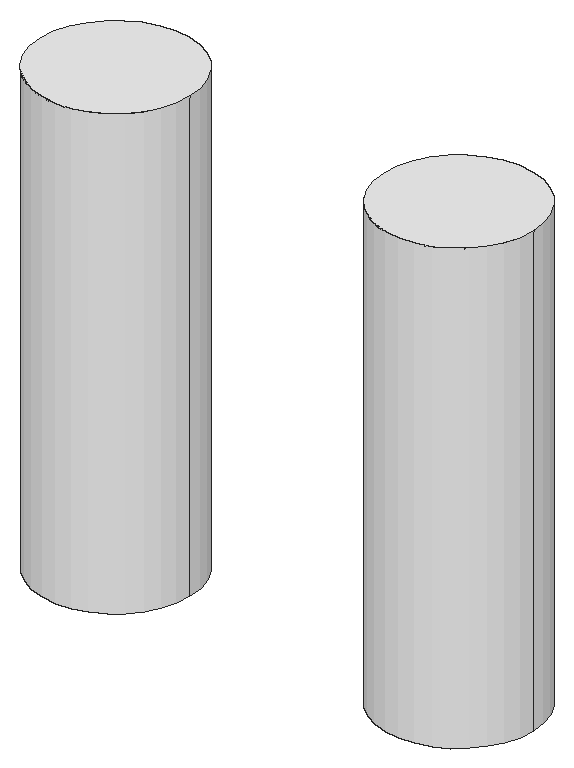
Revit family "93002009(2023)", category Plumbing Fixtures, Revit 2020
Family settings
  Round Connector Dimension = Use Diameter
  Part Type = Normal
  OmniClass Number = 23.45.55.00
  OmniClass Title = Sanitary Faucets, Wastes
  Work Plane-Based = No
  Always vertical = Yes
  Cut with Voids When Loaded = No
  Shared = No
  Room Calculation Point = No
Parameters (values of type "93002009 HANSAELECTRA")
  Working Pressure = "100 - 1000 kPa"
  WarrantyStartDate [instance] = "n/a"
  WarrantyGuarantorParts = "n/a"
  WarrantyGuarantorLabor = "n/a"
  WarrantyDurationUnit = "Year"
  WarrantyDurationParts = "n/a"
  WarrantyDurationLabor = "n/a"
  WarrantyDescription = "http://warranty.hansa.com"
  Warranty Information URL = "http://warranty.hansa.com"
  VersionDate = "20/02/2024"
  Version = "1"
  ValvePattern = "n/a"
  ValveOperation = "n/a"
  ValveMechanism = "n/a"
  Uniclass2015Reference = "Pr_40_20_87_96"
  Uniclass2015Description = "Washbasin manual water supply sets"
  Uniclass2 = "Pr_40_30_96_96"
  URL WEEE = "http://static.hansa.com/WEEE/93002009"
  URL REACH = "http://static.hansa.com/doc/reach"
  URL Materials Declaration = "http://www.hansa.com/fileadmin/resources/188810_93002009_materialsdeclaration.pdf"
  URL Environmental Product Declaration EPD = "http://www.hansa.com/fileadmin/resources/189536_Oras Group EPD_Touchless composite washbasin faucet.pdf"
  URL EcoLabel Declaration = "http://static.hansa.com/doc/EcoLabel"
  URL EU Packaging Declaration = "http://static.hansa.com/doc/packaging"
  URL Declaration of SCIP = "http://static.hansa.com/doc/SCIP"
  URL Declaration of Conformity = "http://static.hansa.com/DoC/93002009"
  URL Declaration of Asbestos = "http://static.hansa.com/doc/asbestos"
  URL Declaration Of Performance (DOP) = "http://static.hansa.com/doc/DoP"
  URL = ""
  UNSPSC Class Number = "30181700 Faucets or taps"
  Type Comments = ""
  TestPressure = "n/a"
  Temperature Adjustments = "Adjustable hot water stop (included, retrofittable)"
  Technical DataSheet URL = "http://www.hansa.com/datasheet/93002009/en"
  TagNumber [instance] = "n/a"
  SustainabilityPerformance = "n/a"
  Surface treatment = "Chrome"
  Spout Type = "Fixed spout"
  Spout Projection = "118 mm"
  Size = "70x165x190 mm"
  Short Marketing = "Electra 93 series is giving you a whole new modern design with its rounded square body and spout giving you new fresh and updated design.\nThe tall design compliments the new trends of modern bathroom of more square design and shallow sinks, where the extra height gives you more comfortable usage.\n\nKey Features\nAerator with Tilt function +/- 10° for more flexible installation\nNewest Sensor technology for better detection and operation comfort\nBluetooth technology for easy adjustment to personalize settings \nPower Plug"
  Shape = "Sculptured"
  SerialNumber [instance] = "n/a"
  Sales Package dimensions (LxWxH) = "568 x 182 x 78"
  Revision = "n/a"
  ReplacementCost = "n/a"
  Protection Class = "IP 55 / transformer IP 20"
  ProductInformation = "n/a"
  Product URL = "http://static.hansa.com/93002009"
  Product Image URL = "http://static.hansa.com/image/93002009"
  Product Family = "null Touchless;Plug transformer;Bluetooth®;Lead free"
  Product Code = "93002009"
  OperatingMechanismMaterial = "n/a"
  Operating Voltage = 9 V
  Operating Distance = "20-130 mm (110/130/160 mm)"
  NominalWidth = 67.722 mm
  NominalHeight = 190 mm
  NominalDepth = 163.081 mm
  Noise Class = "I (ISO 3822) "
  Name_en = "93002009 HANSAELECTRA"
  Name = "93002009 HANSAELECTRA"
  NBSReference = "45-35-70/371"
  NBSDescription = "Water supply fittings for wash basins and troughs"
  Mounting Holes = "1 hole"
  ModelReference = "93002009"
  ModelNumber = "n/a"
  Model = "93002009 HANSAELECTRA"
  Mobile Product Information URL = "http://mpi.hansa.com/93002009"
  Mechanical Parts = "Mixing valve for manual temperature control;Non-return valve(s);Litter filter(s)"
  Max. Hot Water Supply = 70 °C
  Max Flow Period = "2 min (1 - 1800 s)"
  Material = "Composite"
  Market = "International;Germany;Austria;Switzerland;Belgium;Netherlands;Italy"
  ManufacturerURL = "http://www.hansa.com"
  ManufacturerName = "HANSA"
  Manufacturer = "HANSA"
  Long Marketing = "Bluetooth Touchless faucet with tilt aerator. +/- 10° adjustment option.\nEasy grip temperature lever for good grip and easy adjustment. \nSMART intelligent bluetooth sensor with 3 optical lenses for improved performance supported by app connection for personalized and easy adjustment of sensor settings.\nMetal free waterways due to high pressure composite construction and easy installation due to fast and easy 3S installation system."
  Lever Handle = "Temperature control handle"
  Keynote = ""
  Interactive AR View URL = "https://static.hansa.com/AR/93002009"
  InstallationDate [instance] = "n/a"
  Installation and Maintenance Guide URL = "http://static.hansa.com/manual/93002009"
  Installation Type = "Deck mounted"
  InletConnectionSize = 10 mm
  IfcExportType = "FAUCET"  # constant formula
  IfcExportAs = "IfcValveType"  # constant formula
  Group = "Sales item"
  Grade = "n/a"
  FlowCoefficient = 0
  Finish = "Polished"
  Features = "Washbasin faucet"
  FaucetMainMaterial = Brass
  FDV Document URL = "http://www.hansa.com/datasheet/93002009/en/fdv"
  ExpectedLife = "n/a"
  Electronic Parts = ";Power supply;Light indicated function(s)"
  Electrical Connection = "230 / 9 V"
  ETIM Class Number = "EC010340 Electronic tap"
  EN Standard = "EN 15091,\nETSI EN 301 489-1 V1.9.2 , \nETSI EN 300 328 v2.2.2 , \nEN 61000-6-1:2007 , \nEN 61000-6-3:2007+A1:2011+AC:2012 , \nEN 60335-1:2012+A11+A13+A1+A14+A2+A15:2021, Part 19.11.4"
  EMC Directive = "Radio Equipment Directive 2014/53/EU , \nLow Voltage Directive 2014/35/EU , \nEMC Directive 2014/30/EU , \nRoHS Directive 2011/65/EU"
  EAN Number = "4057304019500"
  DurationUnit = "Year"
  Dimension Drawing URL = "http://static.hansa.com/dimdrw/93002009"
  Description = ""
  DefaultElevation [instance] = 900 mm
  Default Elevation = 0 mm
  Constituents = "n/a"
  Connection Size = "G3/8"
  Connection = "Flexible inlet pipes"
  Color = "Chrome"
  CodePerformance = "n/a"
  CloseOffRating = 0
  Catalog Drawing URL = "http://static.hansa.com/catdrw/93002009"
  CO2 Emissions (D) = -0.68
  CO2 Emissions (C4) = 0.86
  CO2 Emissions (C3) = 0
  CO2 Emissions (C2) = 0.01
  CO2 Emissions (A4) = 0.14
  CO2 Emissions (A1-A3) = 3.63
  Brand = "HANSA"
  BodyMaterial = "Brass"
  Bluetooth = "5.x (D060576)"
  Barcode [instance] = "n/a"
  Backflow Prevention EN1717 = "EB"
  BIMObjectName = "93002009(2023)"
  Automatic Flush Period = "30 s (1-1800 s)"
  Automatic Flush Frequency = "off (off/1-120 h)"
  Author = "BIMStone"
  AssetType = "Fixed"
  AssetIdentifier [instance] = "n/a"
  Afterflow Period = "3 s (1-20 s)"
  Aerator = "PCA® - constant flow rate regardless of pressure variations;Adjustable flow angle"
  Advanced Features = "3S-installation system for safe and simple mounting;Software settings adjustable via App"
  AccessibilityPerformance = "n/a"
  3D View = "https://static.hansa.com/AR/93002009"
  2D/3D/BIM Files URL = "http://static.hansa.com/bim/93002009"
Reference planes
  plane 1 "Center (Front/Back)": y = 0
  plane 2: z = 0
  plane 3 "Center (Left/Right)": x = 0
  plane 4: x = -27.304
  plane 5: z = 900
  plane 6: z = 870
  plane 7: y = -163.081
  plane 8: x = 27.304
  plane 9: z = 1090
  plane 10: x = 40.417
Forms (mm)
  Extrusion 1, solid, material "Brass" <- "FaucetMainMaterial"
    sketch origin (0, -2.393, 0) x (1, 0, 0) y (0, 1, 0)
      loop
        circle (-11.5, -22.5) r 5
      loop
        circle (11.5, -22.5) r 5
    from 870 to 900
Dimensions and locks
  "DefaultElevation": plane 5 to level
  locked: plane 5 to plane 6 at 30
  "NominalDepth": plane 7 to plane 1 "Center (Front/Back)"
  equal spacing: plane 4, plane 3 "Center (Left/Right)", plane 8
  "NominalHeight": plane 9 to plane 5
  locked: plane 8 to plane 10 at 13.113
  "NominalWidth": plane 4 to plane 10
  "InletConnectionSize": diameter of Extrusion 1 sketch curve  (x2)
  aligned and locked: level to plane 2
  aligned and locked: plane 5 to Extrusion 1
  aligned and locked: Extrusion 1 to plane 6
  aligned and locked: plane 1 "Center (Front/Back)" to nested 2
  aligned and locked: plane 3 "Center (Left/Right)" to nested 2
  aligned and locked: plane 3 "Center (Left/Right)" to nested 1
  aligned and locked: plane 1 "Center (Front/Back)" to nested 1
  aligned and locked: plane 5 to nested 2
Automatic sketch dimensions
  Extrusion 1 sketch curve to plane 3 "Center (Left/Right)" = 11.5 mm
  plane 3 "Center (Left/Right)" to Extrusion 1 sketch curve = 11.5 mm
  plane 1 "Center (Front/Back)" to Extrusion 1 sketch curve = 24.893 mm
  Extrusion 1 sketch curve to Extrusion 1 sketch curve = 0 mm
Nested families
  nested 1: "Symbol" at (0, 0, 0), type "Symbol", detail levels coarse
  nested 2: "93002009(2023)_Body" at (0, 0, 900), Material <- "FaucetMainMaterial", type "93002009(2023)_Body"
    with Material Brass
Connectors
  piping at (-11.5, -24.893, 870), diameter 10, driven by "InletConnectionSize"
    settings: on Extrusion 1, index 1, connector inside diameter 609.6 mm, connector length 0 mm, flow factor 0, pipe flow 0.2 L/s, pressure drop 0.0 Pa, fitting loss kfactor 0, connector angle 0.00°, fixture units 0, engagement length 0 mm, angle of deflection 0.00°, flow configuration 1, flow direction 1, fitting loss method 0, system type 19, joint type 0, gender type 0, connector reference index -1, connector utility 0, adjustable connector no, is connector primary yes, connector description ""
  piping at (11.5, -24.893, 870), diameter 10, driven by "InletConnectionSize"
    settings: on Extrusion 1, index 2, connector inside diameter 609.6 mm, connector length 0 mm, flow factor 0, pipe flow 0.2 L/s, pressure drop 0.0 Pa, fitting loss kfactor 0, connector angle 0.00°, fixture units 0, engagement length 0 mm, angle of deflection 0.00°, flow configuration 1, flow direction 1, fitting loss method 0, system type 20, joint type 0, gender type 0, connector reference index -1, connector utility 0, adjustable connector no, is connector primary no, connector description ""
Definition of nested family "Symbol"
  Reference planes
    plane 1: y = 0
    plane 2: x = 0
  Lines and regions (mm)
    detail lines
      curve 1: line (0, 0, 0) -> (0, -1.8, 0)
      curve 2: line (-0.4, -1.1, 0) -> (0.4, -1.1, 0)
      curve 3: line (-0.4, -1.4, 0) -> (0.4, -1.4, 0)
      curve 4: line (0.863, 0, 0) -> (-0.863, 0, 0)
      curve 5: circle (-1.163, 0, 0) r 0.3 normal (0, 0, -1)
      curve 6: circle (1.163, 0, 0) r 0.3 normal (0, 0, 1)
